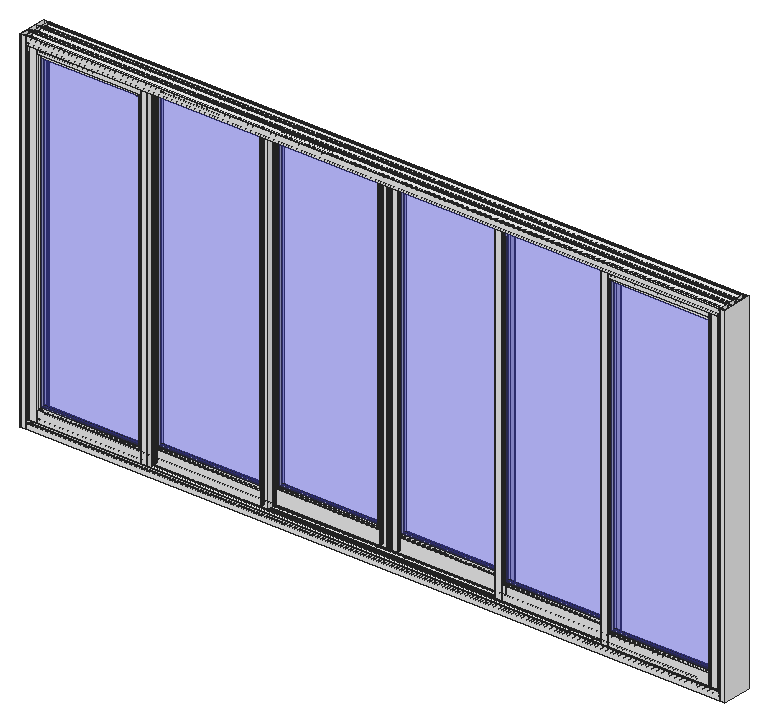
Revit family "Crealco Palace OXXXXO", category Doors, host Wall, Revit 2016 (continued)
Definition of nested family "Palace Triple Track Frame"
  Definition of nested family "Palace Jamb Adpator"
    Automatic sketch dimensions
      Extrusion 1 sketch curve to Extrusion 1 sketch curve = 0.5 mm  (x7)
      Extrusion 1 sketch curve to Extrusion 1 sketch curve = 4.5 mm  (x2)
      Extrusion 1 sketch curve to plane 5 = 21.704 mm
      Extrusion 1 sketch curve to Extrusion 1 sketch curve = 0.796 mm
      Extrusion 1 sketch curve to plane 1 "Center (Front/Back)" = 5.8 mm
      Extrusion 1 sketch curve to Extrusion 1 sketch curve = 0 mm
      Extrusion 1 sketch curve to Extrusion 1 sketch curve = 1.2 mm  (x4)
      Extrusion 1 sketch curve to Extrusion 1 sketch curve = 1.6 mm  (x4)
      Extrusion 1 sketch curve to Extrusion 1 sketch curve = 2 mm  (x2)
      Extrusion 1 sketch curve to Extrusion 1 sketch curve = 0.946 mm
      Extrusion 1 sketch curve to plane 4 = 5.8 mm  (x2)
  Definition of nested family "Palace Floor Track"
    Parameters (values of type "Palace Floor Track")
      Profile Material [instance] = none
      Length Floor Track [instance] = 250 mm
      Floor Track Depth = 26 mm  # constant formula
    Reference planes
      plane 1 "Center (Front/Back)": y = 0
      plane 2: z = 0
      plane 3 "Center (Left/Right)": x = 0
      plane 4: y = -13
      plane 5: y = 13
    Forms (mm)
      Extrusion 1, solid, material <- "Profile Material"
        sketch origin (0, 0, 0) x (0, 1, 0) y (0, 0, 1)
          loop
            line (-2.75, 7.254) -> (-2.75, 2.5) -> (-13, 2.5) -> (-13, 0) -> (13, 0) -> (13, 2.5) -> (2.75, 2.5) -> (2.75, 7.254)
            arc (2.75, 7.254) -> (0, 10.004) -> (-2.75, 7.254) r 2.75
        from 0 to 250 <- "Length Floor Track"
    Dimensions and locks
      equal spacing: plane 4, plane 1 "Center (Front/Back)", plane 5
      "Floor Track Depth": plane 4 to plane 5
      aligned and locked: level to plane 2
    Automatic sketch dimensions
      Extrusion 1 sketch curve to level = 0 mm
      plane 1 "Center (Front/Back)" to Extrusion 1 sketch curve = 13 mm
      level to Extrusion 1 sketch curve = 2.5 mm  (x2)
      plane 1 "Center (Front/Back)" to Extrusion 1 sketch curve = 2.75 mm
      Extrusion 1 sketch curve to Extrusion 1 sketch curve = 2.75 mm
      Extrusion 1 sketch curve to Extrusion 1 sketch curve = 10.25 mm
      Extrusion 1 sketch curve to Extrusion 1 sketch curve = 4.754 mm
  Definition of nested family "Palace Jamb Adpator Cutout 1"
    Parameters (values of type "Palace Jamb Adpator Cutout 1")
      Profile Material [instance] = none
      Jamb Adaptor Length [instance] = 250 mm
      Jamb Adaptor Depth = 61 mm  # constant formula
    Reference planes
      plane 1 "Center (Front/Back)": y = 0
      plane 2: z = 0
      plane 3 "Center (Left/Right)": x = 0
      plane 4: y = 61
      plane 5: y = 30.5
    Forms (mm)
      Extrusion 1, solid, material <- "Profile Material"
        sketch origin (0, 0, 0) x (1, 0, 0) y (0, 1, 0)
          loop
            line (7.65, 5.8) -> (5.4, 5.8) -> (5.4, 1.6) -> (1.4, 1.6) -> (1.4, 59.4) -> (5.4, 59.4) -> (5.4, 55.2) -> (7.65, 55.2)
            arc (7.65, 55.2) -> (8.15, 55.7) -> (7.65, 56.2) r 0.5
            line (7.65, 56.2) -> (6.65, 56.2) -> (6.65, 57.4) -> (8.15, 57.4) -> (8.15, 59) -> (12.65, 59) -> (12.65, 57.4) -> (14.15, 57.4) -> (14.15, 56.2) -> (13.15, 56.2)
            arc (13.15, 56.2) -> (12.65, 55.7) -> (13.15, 55.2) r 0.5
            line (13.15, 55.2) -> (15.4, 55.2) -> (15.4, 61) -> (0, 61) -> (0, 53) -> (-0.46, 52.054) -> (-0.46, 8.796) -> (0, 8) -> (0, 0) -> (15.4, 0) -> (15.4, 5.8) -> (13.15, 5.8)
            arc (13.15, 5.8) -> (12.65, 5.3) -> (13.15, 4.8) r 0.5
            line (13.15, 4.8) -> (14.15, 4.8) -> (14.15, 3.6) -> (12.65, 3.6) -> (12.65, 2) -> (8.15, 2) -> (8.15, 3.6) -> (6.65, 3.6) -> (6.65, 4.8) -> (7.65, 4.8)
            arc (7.65, 4.8) -> (8.15, 5.3) -> (7.65, 5.8) r 0.5
        from 0 to 250 <- "Jamb Adaptor Length"
      Extrusion 2, void
        sketch origin (15.1, 0, 0) x (1, 0, 0) y (0, 0, -1)
          loop
            line (0.3, 0) -> (-13.7, 0) -> (-13.7, -26.2) -> (0.3, -26.2) -> (0.3, 0)
        from 44.149 to 79.957
    Cuts and joins
      Extrusion 2 cuts Extrusion 1
    Lines and regions (mm)
      Filled region 1, type "W31590.dwg-1", in view "Ref. Level"
        outline origin (0, 0, 0) x (1, 0, 0) y (0, 1, 0)
          loop
            line (1485.097, 201.05) -> (1485.514, 198.55) -> (1485.931, 201.05) -> (1485.097, 201.05)
      Filled region 2, type "W31590.dwg-1", in view "Ref. Level"
        outline origin (0, 0, 0) x (1, 0, 0) y (0, 1, 0)
          loop
            line (1485.097, 211.45) -> (1485.931, 211.45) -> (1485.514, 213.95) -> (1485.097, 211.45)
      Filled region 3, type "W31590.dwg-1", in view "Ref. Level"
        outline origin (0, 0, 0) x (1, 0, 0) y (0, 1, 0)
          loop
            line (1498.155, 223.485) -> (1495.655, 223.068) -> (1498.155, 222.651) -> (1498.155, 223.485)
      Filled region 4, type "W31590.dwg-1", in view "Ref. Level"
        outline origin (0, 0, 0) x (1, 0, 0) y (0, 1, 0)
          loop
            line (1554.155, 223.485) -> (1554.155, 222.651) -> (1556.655, 223.068) -> (1554.155, 223.485)
    Dimensions and locks
      equal spacing: plane 1 "Center (Front/Back)", plane 5, plane 4
      "Jamb Adaptor Depth": plane 1 "Center (Front/Back)" to plane 4
      Extrusion 2 sketch curve to Extrusion 2 sketch curve = 26.2 mm
      plane 3 "Center (Left/Right)" to Extrusion 2 sketch curve to Extrusion 2 sketch curve = 1.4 mm, 14 mm
      aligned and locked: level to plane 2
      aligned and locked: level to Extrusion 2 sketch curve
    Automatic sketch dimensions
      plane 4 to Filled region 1 sketch curve = 140.05 mm  (x2)
      plane 3 "Center (Left/Right)" to Filled region 1 sketch curve = 1485.097 mm
      Filled region 1 sketch curve to Filled region 1 sketch curve = 0 mm  (x4)
      plane 4 to Filled region 1 sketch curve = 137.55 mm  (x2)
      Filled region 1 sketch curve to Filled region 1 sketch curve = 0.417 mm
      Filled region 1 sketch curve to Filled region 1 sketch curve = 0.833 mm
      plane 4 to Filled region 2 sketch curve = 150.45 mm  (x2)
      plane 3 "Center (Left/Right)" to Filled region 2 sketch curve = 1485.097 mm
      Filled region 2 sketch curve to Filled region 2 sketch curve = 0 mm  (x4)
      plane 4 to Filled region 2 sketch curve = 152.95 mm  (x2)
      Filled region 2 sketch curve to Filled region 2 sketch curve = 0.417 mm
      Filled region 2 sketch curve to Filled region 2 sketch curve = 0.833 mm
      plane 4 to Filled region 3 sketch curve = 162.068 mm  (x2)
      plane 3 "Center (Left/Right)" to Filled region 3 sketch curve = 1495.655 mm
      Filled region 3 sketch curve to Filled region 3 sketch curve = 0 mm  (x5)
      plane 4 to Filled region 3 sketch curve = 161.651 mm
      Filled region 3 sketch curve to Filled region 3 sketch curve = 2.5 mm
      plane 4 to Filled region 3 sketch curve = 162.485 mm
      plane 4 to Filled region 4 sketch curve = 161.651 mm  (x2)
      plane 3 "Center (Left/Right)" to Filled region 4 sketch curve = 1554.155 mm
      Filled region 4 sketch curve to Filled region 4 sketch curve = 0 mm  (x4)
      plane 4 to Filled region 4 sketch curve = 162.485 mm
      plane 4 to Filled region 4 sketch curve = 162.068 mm  (x2)
      Filled region 4 sketch curve to Filled region 4 sketch curve = 2.5 mm
      Extrusion 1 sketch curve to plane 4 = 8.946 mm
      Extrusion 1 sketch curve to plane 3 "Center (Left/Right)" = 0.46 mm
      Extrusion 1 sketch curve to Extrusion 1 sketch curve = 0.46 mm  (x2)
      Extrusion 1 sketch curve to Extrusion 1 sketch curve = 1.4 mm
      Extrusion 1 sketch curve to Extrusion 1 sketch curve = 4 mm  (x2)
      Extrusion 1 sketch curve to Extrusion 1 sketch curve = 1.25 mm  (x4)
      Extrusion 1 sketch curve to Extrusion 1 sketch curve = 1 mm  (x3)
      Extrusion 1 sketch curve to Extrusion 1 sketch curve = 1.5 mm  (x2)
      Extrusion 1 sketch curve to Extrusion 1 sketch curve = 0.5 mm  (x7)
      Extrusion 1 sketch curve to Extrusion 1 sketch curve = 4.5 mm  (x2)
      Extrusion 1 sketch curve to plane 5 = 21.704 mm
      Extrusion 1 sketch curve to Extrusion 1 sketch curve = 0.796 mm
      Extrusion 1 sketch curve to plane 1 "Center (Front/Back)" = 5.8 mm
      Extrusion 1 sketch curve to Extrusion 1 sketch curve = 0 mm
      Extrusion 1 sketch curve to Extrusion 1 sketch curve = 1.2 mm  (x4)
      Extrusion 1 sketch curve to Extrusion 1 sketch curve = 1.6 mm  (x4)
      Extrusion 1 sketch curve to Extrusion 1 sketch curve = 2 mm  (x2)
      Extrusion 1 sketch curve to Extrusion 1 sketch curve = 0.946 mm
      Extrusion 1 sketch curve to plane 4 = 5.8 mm  (x2)
  Definition of nested family "Palace Jamb Adpator Cutout 2"
    Parameters (values of type "Palace Jamb Adpator Cutout 2")
      Profile Material [instance] = none
      Jamb Adaptor Length [instance] = 250 mm
      Jamb Adaptor Depth = 61 mm  # constant formula
    Reference planes
      plane 1 "Center (Front/Back)": y = 0
      plane 2: z = 0
      plane 3 "Center (Left/Right)": x = 0
      plane 4: y = 61
      plane 5: y = 30.5
    Forms (mm)
      Extrusion 1, solid, material <- "Profile Material"
        sketch origin (0, 0, 0) x (1, 0, 0) y (0, 1, 0)
          loop
            line (7.65, 5.8) -> (5.4, 5.8) -> (5.4, 1.6) -> (1.4, 1.6) -> (1.4, 59.4) -> (5.4, 59.4) -> (5.4, 55.2) -> (7.65, 55.2)
            arc (7.65, 55.2) -> (8.15, 55.7) -> (7.65, 56.2) r 0.5
            line (7.65, 56.2) -> (6.65, 56.2) -> (6.65, 57.4) -> (8.15, 57.4) -> (8.15, 59) -> (12.65, 59) -> (12.65, 57.4) -> (14.15, 57.4) -> (14.15, 56.2) -> (13.15, 56.2)
            arc (13.15, 56.2) -> (12.65, 55.7) -> (13.15, 55.2) r 0.5
            line (13.15, 55.2) -> (15.4, 55.2) -> (15.4, 61) -> (0, 61) -> (0, 53) -> (-0.46, 52.054) -> (-0.46, 8.796) -> (0, 8) -> (0, 0) -> (15.4, 0) -> (15.4, 5.8) -> (13.15, 5.8)
            arc (13.15, 5.8) -> (12.65, 5.3) -> (13.15, 4.8) r 0.5
            line (13.15, 4.8) -> (14.15, 4.8) -> (14.15, 3.6) -> (12.65, 3.6) -> (12.65, 2) -> (8.15, 2) -> (8.15, 3.6) -> (6.65, 3.6) -> (6.65, 4.8) -> (7.65, 4.8)
            arc (7.65, 4.8) -> (8.15, 5.3) -> (7.65, 5.8) r 0.5
        from 0 to 250 <- "Jamb Adaptor Length"
      Extrusion 2, void
        sketch origin (15.1, 0, 0) x (1, 0, 0) y (0, 0, -1)
          loop
            line (0.3, 0) -> (-13.7, 0) -> (-13.7, -26.2) -> (0.3, -26.2) -> (0.3, 0)
        from 0 to 10
    Cuts and joins
      Extrusion 2 cuts Extrusion 1
    Lines and regions (mm)
      Filled region 1, type "W31590.dwg-1", in view "Ref. Level"
        outline origin (0, 0, 0) x (1, 0, 0) y (0, 1, 0)
          loop
            line (1485.097, 201.05) -> (1485.514, 198.55) -> (1485.931, 201.05) -> (1485.097, 201.05)
      Filled region 2, type "W31590.dwg-1", in view "Ref. Level"
        outline origin (0, 0, 0) x (1, 0, 0) y (0, 1, 0)
          loop
            line (1485.097, 211.45) -> (1485.931, 211.45) -> (1485.514, 213.95) -> (1485.097, 211.45)
      Filled region 3, type "W31590.dwg-1", in view "Ref. Level"
        outline origin (0, 0, 0) x (1, 0, 0) y (0, 1, 0)
          loop
            line (1498.155, 223.485) -> (1495.655, 223.068) -> (1498.155, 222.651) -> (1498.155, 223.485)
      Filled region 4, type "W31590.dwg-1", in view "Ref. Level"
        outline origin (0, 0, 0) x (1, 0, 0) y (0, 1, 0)
          loop
            line (1554.155, 223.485) -> (1554.155, 222.651) -> (1556.655, 223.068) -> (1554.155, 223.485)
    Dimensions and locks
      equal spacing: plane 1 "Center (Front/Back)", plane 5, plane 4
      "Jamb Adaptor Depth": plane 1 "Center (Front/Back)" to plane 4
      Extrusion 2 sketch curve to Extrusion 2 sketch curve = 26.2 mm
      aligned and locked: level to plane 2
      aligned and locked: level to Extrusion 2 sketch curve
    Automatic sketch dimensions
      plane 4 to Filled region 1 sketch curve = 140.05 mm  (x2)
      plane 3 "Center (Left/Right)" to Filled region 1 sketch curve = 1485.097 mm
      Filled region 1 sketch curve to Filled region 1 sketch curve = 0 mm  (x4)
      plane 4 to Filled region 1 sketch curve = 137.55 mm  (x2)
      Filled region 1 sketch curve to Filled region 1 sketch curve = 0.417 mm
      Filled region 1 sketch curve to Filled region 1 sketch curve = 0.833 mm
      plane 4 to Filled region 2 sketch curve = 150.45 mm  (x2)
      plane 3 "Center (Left/Right)" to Filled region 2 sketch curve = 1485.097 mm
      Filled region 2 sketch curve to Filled region 2 sketch curve = 0 mm  (x4)
      plane 4 to Filled region 2 sketch curve = 152.95 mm  (x2)
      Filled region 2 sketch curve to Filled region 2 sketch curve = 0.417 mm
      Filled region 2 sketch curve to Filled region 2 sketch curve = 0.833 mm
      plane 4 to Filled region 3 sketch curve = 162.068 mm  (x2)
      plane 3 "Center (Left/Right)" to Filled region 3 sketch curve = 1495.655 mm
      Filled region 3 sketch curve to Filled region 3 sketch curve = 0 mm  (x5)
      plane 4 to Filled region 3 sketch curve = 161.651 mm
      Filled region 3 sketch curve to Filled region 3 sketch curve = 2.5 mm
      plane 4 to Filled region 3 sketch curve = 162.485 mm
      plane 4 to Filled region 4 sketch curve = 161.651 mm  (x2)
      plane 3 "Center (Left/Right)" to Filled region 4 sketch curve = 1554.155 mm
      Filled region 4 sketch curve to Filled region 4 sketch curve = 0 mm  (x4)
      plane 4 to Filled region 4 sketch curve = 162.485 mm
      plane 4 to Filled region 4 sketch curve = 162.068 mm  (x2)
      Filled region 4 sketch curve to Filled region 4 sketch curve = 2.5 mm
      Extrusion 1 sketch curve to plane 4 = 8.946 mm
      Extrusion 1 sketch curve to plane 3 "Center (Left/Right)" = 0.46 mm
      Extrusion 1 sketch curve to Extrusion 1 sketch curve = 0.46 mm  (x2)
      Extrusion 1 sketch curve to Extrusion 1 sketch curve = 1.4 mm
      Extrusion 1 sketch curve to Extrusion 1 sketch curve = 4 mm  (x2)
      Extrusion 1 sketch curve to Extrusion 1 sketch curve = 1.25 mm  (x4)
      Extrusion 1 sketch curve to Extrusion 1 sketch curve = 1 mm  (x3)
      Extrusion 1 sketch curve to Extrusion 1 sketch curve = 1.5 mm  (x2)
      Extrusion 1 sketch curve to Extrusion 1 sketch curve = 0.5 mm  (x7)
      Extrusion 1 sketch curve to Extrusion 1 sketch curve = 4.5 mm  (x2)
      Extrusion 1 sketch curve to plane 5 = 21.704 mm
      Extrusion 1 sketch curve to Extrusion 1 sketch curve = 0.796 mm
      Extrusion 1 sketch curve to plane 1 "Center (Front/Back)" = 5.8 mm
      Extrusion 1 sketch curve to Extrusion 1 sketch curve = 0 mm
      Extrusion 1 sketch curve to Extrusion 1 sketch curve = 1.2 mm  (x4)
      Extrusion 1 sketch curve to Extrusion 1 sketch curve = 1.6 mm  (x4)
      Extrusion 1 sketch curve to Extrusion 1 sketch curve = 2 mm  (x2)
      Extrusion 1 sketch curve to Extrusion 1 sketch curve = 0.946 mm
      Extrusion 1 sketch curve to plane 4 = 5.8 mm  (x2)
      Extrusion 1 to Extrusion 2 sketch curve = 0 mm
      Extrusion 2 sketch curve to Extrusion 2 sketch curve = 14 mm
Definition of nested family "Palace Sash"
  Parameters (values of type "Palace Sash")
    Single Glazing [instance] = not(Double Glazing)  # yes
    Sill Thickness = 85 mm  # constant formula
    Sill Length [instance] = Sash Width - Head Sill Side 1 Gap - Head Sill Side 2 Gap  # 880 mm
    Side 2 Meeting Stile [instance] = no
    Side 2 Jamb [instance] = yes
    Side 2 Interlock 2 HD [instance] = no
    Side 2 Interlock 2 [instance] = no
    Side 2 Interlock 1 HD [instance] = no
    Side 2 Interlock 1 [instance] = no
    Side 2 Astragal HD [instance] = no
    Side 2 Astragal [instance] = no
    Side 1 Meeting Stile [instance] = no
    Side 1 Jamb [instance] = yes
    Side 1 Interlock 2 HD [instance] = no
    Side 1 Interlock 2 [instance] = no
    Side 1 Interlock 1 HD [instance] = no
    Side 1 Interlock 1 [instance] = no
    Side 1 Astragal HD [instance] = no
    Side 1 Astragal [instance] = no
    Sash Width [instance] = 1000 mm
    Sash Thickness = 44 mm  # constant formula
    Sash Height [instance] = 1000 mm
    Right Sliding [instance] = yes
    Profile Material [instance] = none
    Left Sliding [instance] = no
    Jamb Length [instance] = Sash Height  # 1000 mm
    Head Thickness = 50 mm  # constant formula
    Head Sill Side 2 Gap [instance] = if(Side 2 Jamb, 60 mm, if(Side 2 Meeting Stile, 52 mm, 40 mm))  # 60 mm
    Head Sill Side 1 Gap [instance] = if(Side 1 Jamb, 60 mm, if(Side 1 Meeting Stile, 52 mm, 40 mm))  # 60 mm
    Head Length [instance] = Sash Width - Head Sill Side 1 Gap - Head Sill Side 2 Gap  # 880 mm
    Glazing Width [instance] = Sash Width - Head Sill Side 1 Gap - Head Sill Side 2 Gap - (2 * Glazing Gap)  # 870 mm
    Glazing Thickness [instance] = 4 mm
    Glazing Offset [instance] = if(Double Glazing, 22.2 mm, 14.3 mm)  # 14.3 mm
    Glazing Material [instance] = none
    Glazing Height [instance] = Sash Height - Head Thickness - Sill Thickness - (2 * Glazing Gap)  # 855 mm
    Glazing Gap = 5 mm  # constant formula
    Double Glazing [instance] = no
    DG Thickness [instance] = if(Glazing Thickness < 14 mm, 14 mm, Glazing Thickness)  # 14 mm
  Reference planes
    plane 1 "Center (Front/Back)": y = 0
    plane 2: z = 0
    plane 3 "Center (Left/Right)": x = 0
    plane 4: x = -500
    plane 5: y = 22
    plane 6: y = -22
    plane 7: x = 500
    plane 8: z = 1000
    plane 9: z = 500
    plane 10: x = 440
    plane 11: x = -440
    plane 12: z = 85
    plane 13: z = 950
    plane 14: x = -435
    plane 15: x = 435
    plane 16: y = -7.7
    plane 17: z = 945
    plane 18: z = 90
  Forms (mm)
    Sweep 1, solid, material <- "Profile Material", visible <- "Double Glazing"
      path origin (0, 0, 0) x (1, 0, 0) y (0, 0, 1)
        loop
          line (-440, 950) -> (-440, 85) -> (440, 85) -> (440, 950) -> (-440, 950)
      profile origin (0, 0, 950) x (0, 0, 1) y (0, -1, 0)
        loop
          line (-1.6, -17.805) -> (-7.5, -17.805) -> (-7.5, -14.705) -> (-9.35, -14.705)
          arc (-9.35, -14.705) -> (-9.75, -15.105) -> (-9.35, -15.505) r 0.4
          line (-9.35, -15.505) -> (-8.55, -15.505) -> (-8.55, -17.805) -> (-13.95, -17.805) -> (-13.95, -15.505) -> (-13.15, -15.505)
          arc (-13.15, -15.505) -> (-12.75, -15.105) -> (-13.15, -14.705) r 0.4
          line (-13.15, -14.705) -> (-15, -14.705) -> (-15, -19.405) -> (0, -19.405) -> (0, -11.805) -> (1.387, -11.805) -> (1.387, -12.605)
          arc (1.387, -12.605) -> (2.102, -12.316) -> (2.4, -11.605) r 1
          line (2.4, -11.605) -> (2.4, 3.595)
          arc (2.4, 3.595) -> (1.9, 4.095) -> (1.4, 3.595) r 0.5
          line (1.4, 3.595) -> (1.4, 0.595) -> (0.4, 0.595) -> (0.4, -10.405) -> (-1.6, -10.405) -> (-1.6, -17.805)
    Sweep 2, solid, material <- "Profile Material", visible <- "Single Glazing"
      path origin (-440, 19.405, 950) x (1, 0, 0) y (0, 0, -1)
        loop
          line (880, 0) -> (880, 865) -> (0, 865) -> (0, 0) -> (880, 0)
      profile origin (0, 19.405, 950) x (0, 0, 1) y (0, 1, 0)
        loop
          line (-7.999, -19.799) -> (-8.799, -19.799) -> (-8.799, -20.599) -> (1.4, -20.599) -> (1.4, -23.099)
          arc (1.4, -23.099) -> (1.9, -23.599) -> (2.4, -23.099) r 0.5
          line (2.4, -23.099) -> (2.4, -20.299)
          arc (2.4, -20.299) -> (2.165, -19.733) -> (1.6, -19.499) r 0.8
          line (1.6, -19.499) -> (-6.899, -19.499) -> (-6.899, -18.099) -> (-9.421, -15.577) -> (-1.1, -7.256) -> (-1.1, -8.2)
          arc (-1.1, -8.2) -> (-0.953, -8.554) -> (-0.6, -8.7) r 0.5
          line (-0.6, -8.7) -> (2.4, -8.7) -> (2.4, -7.776)
          arc (2.4, -7.776) -> (2.107, -7.069) -> (1.4, -6.776) r 1
          line (1.4, -6.776) -> (1.4, -7.6) -> (0, -7.6) -> (0, -5.394) -> (-0.793, -5.394) -> (-14.999, -19.599) -> (-14.999, -20.599) -> (-10.599, -20.599) -> (-10.599, -19.799) -> (-11.399, -19.799) -> (-12.521, -18.677) -> (-10.199, -16.355) -> (-7.999, -18.555) -> (-7.999, -19.799)
  Lines and regions (mm)
    model lines, visible <- "Double Glazing"
      curve 1: line (425, 19.405, 100) -> (425, 19.405, 85)
      curve 2: line (-425, 19.405, 100) -> (-425, 19.405, 85)
      curve 3: line (-425, 19.405, 935) -> (-425, 19.405, 950)
      curve 4: line (425, 19.405, 935) -> (425, 19.405, 950)
    model lines, visible <- "Single Glazing"
      curve 5: line (439.207, 14.011, 949.207) -> (440, 14.011, 950)
      curve 6: line (-439.207, 14.011, 949.207) -> (-440, 14.011, 950)
      curve 7: line (-439.207, 14.011, 85.793) -> (-440, 14.011, 85)
      curve 8: line (439.207, 14.011, 85.793) -> (440, 14.011, 85)
  Dimensions and locks
    equal spacing: plane 6, plane 1 "Center (Front/Back)", plane 5
    "Sash Thickness": plane 6 to plane 5
    equal spacing: plane 8, plane 9, level
    "Sash Height": plane 8 to level
    equal spacing: plane 4, plane 3 "Center (Left/Right)", plane 7
    "Sash Width": plane 4 to plane 7
    "Head Sill Side 1 Gap": plane 4 to plane 11
    "Head Sill Side 2 Gap": plane 10 to plane 7
    "Sill Thickness": plane 12 to plane 2
    "Head Thickness": plane 8 to plane 13
    "Glazing Gap": plane 15 to plane 10
    "Glazing Gap": plane 11 to plane 14
    "Glazing Offset": plane 16 to plane 6
    "Glazing Gap": plane 18 to plane 12
    "Glazing Gap": plane 13 to plane 17
    plane 1 "Center (Front/Back)" to nested 5 = 7.7 mm
    aligned and locked: level to plane 2
    aligned and locked: plane 2 to nested 1
    aligned and locked: plane 1 "Center (Front/Back)" to nested 1
    aligned and locked: plane 10 to nested 1
    aligned and locked: nested 3 to plane 1 "Center (Front/Back)"
    aligned and locked: plane 1 "Center (Front/Back)" to nested 2
    aligned and locked: plane 11 to nested 2
    aligned and locked: plane 10 to nested 3
    aligned and locked: plane 2 to nested 3
    aligned and locked: nested 2 to plane 2
    aligned and locked: nested 4 to plane 8
    aligned and locked: plane 1 "Center (Front/Back)" to nested 4
    aligned and locked: plane 11 to nested 4
    aligned and locked: plane 11 to Sweep 1 sketch curve
    aligned and locked: Sweep 1 sketch curve to plane 13
    aligned and locked: Sweep 1 sketch curve to plane 10
    aligned and locked: plane 12 to Sweep 1 sketch curve
    aligned and locked: Sweep 2 sketch curve to plane 10
    aligned and locked: Sweep 2 sketch curve to plane 13
    aligned and locked: plane 11 to Sweep 2 sketch curve
    aligned and locked: plane 12 to Sweep 2 sketch curve
    aligned and locked: nested 5 to plane 16
    aligned and locked: nested 5 to plane 14
    aligned and locked: plane 17 to nested 5
    aligned and locked: nested 6 to plane 14
    aligned and locked: plane 17 to nested 6
    aligned and locked: plane 16 to nested 6
  Automatic sketch dimensions
    profile plane to Sweep 1 sketch curve = 15 mm
    Sweep 1 sketch curve to Sweep 1 sketch curve = 1.05 mm  (x2)
    Sweep 1 sketch curve to Sweep 1 sketch curve = 0.8 mm  (x2)
    Sweep 1 sketch curve to Sweep 1 sketch curve = 3.8 mm
    Sweep 1 sketch curve to Sweep 1 sketch curve = 5.9 mm
    Sweep 1 sketch curve to Sweep 1 sketch curve = 1.6 mm  (x3)
    Sweep 1 sketch curve to Sweep 1 sketch curve = 0.4 mm  (x3)
    Sweep 1 sketch curve to Sweep 1 sketch curve = 1.387 mm
    Sweep 1 sketch curve to Sweep 1 sketch curve = 1 mm
    Sweep 1 sketch curve to Sweep 1 sketch curve = 0.012 mm
    Sweep 1 sketch curve to Sweep 1 sketch curve = 0.5 mm
    Sweep 1 sketch curve to plane 1 "Center (Front/Back)" = 19.405 mm
    Sweep 1 sketch curve to Sweep 1 sketch curve = 2.3 mm  (x2)
    Sweep 1 sketch curve to Sweep 1 sketch curve = 5.2 mm
    Sweep 1 sketch curve to Sweep 1 sketch curve = 0.2 mm
    Sweep 1 sketch curve to Sweep 1 sketch curve = 1.4 mm
    Sweep 1 sketch curve to Sweep 1 sketch curve = 11 mm
    Sweep 1 sketch curve to Sweep 1 sketch curve = 3 mm
    curve 3 to Sweep 1 = 0 mm  (x2)
    Sweep 1 to curve 3 = 0 mm
    curve 2 to Sweep 1 = 0 mm  (x3)
    curve 1 to Sweep 1 = 0 mm  (x3)
    curve 4 to Sweep 1 = 0 mm  (x3)
    profile plane to Sweep 2 sketch curve = 14.999 mm
    Sweep 2 sketch curve to Sweep 2 sketch curve = 2.478 mm
    Sweep 2 sketch curve to Sweep 2 sketch curve = 1.122 mm  (x2)
    Sweep 2 sketch curve to Sweep 2 sketch curve = 0.8 mm  (x4)
    Sweep 2 sketch curve to Sweep 2 sketch curve = 2.322 mm
    Sweep 2 sketch curve to Sweep 2 sketch curve = 0.778 mm  (x2)
    Sweep 2 sketch curve to Sweep 2 sketch curve = 1.8 mm
    Sweep 2 sketch curve to Sweep 2 sketch curve = 1.1 mm
    Sweep 2 sketch curve to Sweep 2 sketch curve = 8.321 mm
    Sweep 2 sketch curve to Sweep 2 sketch curve = 0.307 mm
    Sweep 2 sketch curve to Sweep 2 sketch curve = 0.5 mm  (x2)
    Sweep 2 sketch curve to Sweep 2 sketch curve = 0.6 mm
    Sweep 2 sketch curve to Sweep 2 sketch curve = 8.299 mm
    Sweep 2 sketch curve to Sweep 2 sketch curve = 1.4 mm
    Sweep 2 sketch curve to Sweep 2 sketch curve = 0.2 mm
    Sweep 2 sketch curve to Sweep 2 sketch curve = 1 mm  (x2)
    Sweep 2 sketch curve to profile plane = 23.099 mm
    Sweep 2 sketch curve to Sweep 2 sketch curve = 2.5 mm
    Sweep 2 sketch curve to Sweep 2 sketch curve = 0 mm
    Sweep 2 sketch curve to Sweep 2 sketch curve = 0.3 mm
    Sweep 2 sketch curve to Sweep 2 sketch curve = 0.456 mm
    Sweep 2 sketch curve to Sweep 2 sketch curve = 1.444 mm
    Sweep 2 sketch curve to Sweep 2 sketch curve = 0.924 mm
    Sweep 2 sketch curve to Sweep 2 sketch curve = 0.176 mm
    Sweep 2 sketch curve to Sweep 2 sketch curve = 1.862 mm
    curve 5 to Sweep 2 = 0 mm  (x3)
    Sweep 2 to curve 5 = 0 mm
    curve 8 to Sweep 2 = 0 mm  (x4)
    curve 7 to Sweep 2 = 0 mm  (x4)
    curve 6 to Sweep 2 = 0 mm  (x3)
    Sweep 2 to curve 6 = 0 mm
  Nested families
    nested 1: "Palace Sash Sill" at (-440, 0, 0), Sill Length <- "Sill Length", Profile Material <- "Profile Material", type "Palace Sash Sill"
      with Sill Length 880 mm, Profile Material none
    nested 2: "Palace Sash Jamb" at (-440, 0, 0), Profile Material <- "Profile Material", Jamb Length <- "Jamb Length", Astragal <- "Side 1 Astragal", Astragal HD <- "Side 1 Astragal HD", Interlock 1 <- "Side 1 Interlock 1", Interlock 1 HD <- "Side 1 Interlock 1 HD", Interlock 2 <- "Side 1 Interlock 2", Interlock 2 HD <- "Side 1 Interlock 2 HD", Jamb <- "Side 1 Jamb", Meeting Stile <- "Side 1 Meeting Stile", type "Palace Sash Jamb"
      with Profile Material none, Meeting Stile Width 50 mm, Meeting Stile Depth 44 mm, Meeting Stile no, Jamb Length 1000 mm, Jamb yes, Interlock 2 HD no, Interlock 2 no, Interlock 1 HD no, Interlock 1 no, Astragal HD no, Astragal no
    nested 3: "Palace Sash Jamb" at (440, 0, 0) x (-1, 0, 0) z (0, 0, 1), Profile Material <- "Profile Material", Jamb Length <- "Jamb Length", Astragal <- "Side 2 Astragal", Astragal HD <- "Side 2 Astragal HD", Interlock 1 <- "Side 2 Interlock 1", Interlock 1 HD <- "Side 2 Interlock 1 HD", Interlock 2 <- "Side 2 Interlock 2", Interlock 2 HD <- "Side 2 Interlock 2 HD", Jamb <- "Side 2 Jamb", Meeting Stile <- "Side 2 Meeting Stile", type "Palace Sash Jamb"
      with Profile Material none, Meeting Stile Width 50 mm, Meeting Stile Depth 44 mm, Meeting Stile no, Jamb Length 1000 mm, Jamb yes, Interlock 2 HD no, Interlock 2 no, Interlock 1 HD no, Interlock 1 no, Astragal HD no, Astragal no
    nested 4: "Palace Sash Head" at (-440, 0, 950), Profile Material <- "Profile Material", Head Length <- "Head Length", type "Palace Sash Head"
      with Profile Material none, Head Length 880 mm
    nested 5: "Palace Single Glazing" at (-435, -9.7, 90) x (-1, 0, 0) z (0, 0, 1), Glazing Material <- "Glazing Material", Glazing Width <- "Glazing Width", Glazing Thickness SG <- "Glazing Thickness", Glazing Height <- "Glazing Height", visible <- "Single Glazing", Left Sliding <- "Right Sliding", Right Sliding <- "Left Sliding", type "Palace Single Glazing"
      with Right Sliding no, Length Arrow Tip 77.717 mm, Length Arrow 256.467 mm, Left Sliding yes, Is Sliding yes, Glazing Width 870 mm, Glazing Thickness SG 4 mm, Glazing Material none, Glazing Height 855 mm, Double Glazing Gasket Material none, Arrow Tip Length 77.717 mm, Arrow Left Gap 306.767 mm, Arrow Bottom Gap 427.5 mm
    nested 6: "Palace Double Glazing" at (435, -0.7, 90), Glazing Material <- "Glazing Material", visible <- "Double Glazing", Glazing Thickness <- "DG Thickness", Glazing Width <- "Glazing Width", Glazing Height <- "Glazing Height", Left Sliding <- "Right Sliding", Right Sliding <- "Left Sliding", type "Palace Double Glazing"
      with Right Sliding no, Length Arrow Tip 77.717 mm, Length Arrow 256.467 mm, Left Sliding yes, Is Sliding yes, Glazing Width 870 mm, Glazing Thickness DG 1 mm, Glazing Thickness 14 mm, Glazing Material none, Glazing Height 855 mm, Double Glazing Gasket Thickness 12 mm, Double Glazing Gasket Material none, Arrow Tip Length 77.717 mm, Arrow Left Gap 306.767 mm, Arrow Bottom Gap 427.5 mm
  Definition of nested family "Palace Sash Sill"
    Parameters (values of type "Palace Sash Sill")
      Sill Length [instance] = 250 mm
      Sill Depth = 44 mm  # constant formula
      Profile Material [instance] = none
    Reference planes
      plane 1 "Center (Front/Back)": y = 0
      plane 2: z = 0
      plane 3 "Center (Left/Right)": x = 0
      plane 4: y = -22
      plane 5: y = 22
    Forms (mm)
      Extrusion 1, solid, material <- "Profile Material"
        sketch origin (0, 0, 0) x (0, 1, 0) y (0, 0, 1)
          loop
            line (-22, 0) -> (-20.2, 0) -> (-20.2, 2) -> (-17.1, 2) -> (-17.1, 3.6) -> (-20.21, 3.6) -> (-20.21, 16.117) -> (-19.7, 17.08) -> (-19.7, 20) -> (19.696, 20) -> (19.696, 17.015) -> (20.25, 15.967) -> (20.25, 3.6) -> (17.1, 3.6) -> (17.1, 2) -> (20.2, 2) -> (20.2, 0) -> (22, 0) -> (22, 85) -> (12.304, 85)
            arc (12.304, 85) -> (11.805, 84.522) -> (12.261, 84.002) r 0.5
            line (12.261, 84.002) -> (13.496, 83.894) -> (13.496, 82.4) -> (-5.004, 82.4) -> (-5.004, 83.763) -> (-2.27, 84.002)
            arc (-2.27, 84.002) -> (-1.814, 84.522) -> (-2.313, 85) r 0.5
            line (-2.313, 85) -> (-15.204, 85) -> (-15.204, 95.9) -> (-15.604, 96.6) -> (-15.604, 98.8) -> (-14.304, 98.8) -> (-14.304, 100) -> (-17.004, 100) -> (-17.004, 85) -> (-22, 85) -> (-22, 0)
          loop
            line (-20.21, 83.2) -> (-20.21, 21.8) -> (20.21, 21.8) -> (20.21, 83.2) -> (15.296, 83.2) -> (15.296, 82)
            arc (15.296, 82) -> (14.885, 81.01) -> (13.896, 80.6) r 1.4
            line (13.896, 80.6) -> (-5.404, 80.6)
            arc (-5.404, 80.6) -> (-6.394, 81.01) -> (-6.804, 82) r 1.4
            line (-6.804, 82) -> (-6.804, 83.2) -> (-20.21, 83.2)
        from 0 to 250 <- "Sill Length"
      Extrusion 2, void
        sketch origin (0, -16.704, 100) x (-1, 0, 0) y (0, 1, 0)
          loop
            line (0, 2.4) -> (-15, 2.4) -> (-15, -0.3) -> (0, -0.3) -> (0, 2.4)
          loop
            line (-250, 2.4) -> (-250, -0.3) -> (-235, -0.3) -> (-235, 2.4) -> (-250, 2.4)
        from 0 to 250
    Cuts and joins
      Extrusion 2 cuts Extrusion 1
    Dimensions and locks
      equal spacing: plane 4, plane 1 "Center (Front/Back)", plane 5
      "Sill Depth": plane 4 to plane 5
      Extrusion 2 sketch curve to Extrusion 2 sketch curve = 15 mm  (x2)
      aligned and locked: level to plane 2
    Automatic sketch dimensions
      Extrusion 1 sketch curve to plane 5 = 44 mm
      Extrusion 1 sketch curve to plane 5 = 42.21 mm
      Extrusion 1 sketch curve to Extrusion 1 sketch curve = 0 mm
      Extrusion 1 sketch curve to Extrusion 1 sketch curve = 0.01 mm
      Extrusion 1 sketch curve to Extrusion 1 sketch curve = 0.51 mm
      Extrusion 1 sketch curve to Extrusion 1 sketch curve = 3.11 mm
      Extrusion 1 sketch curve to Extrusion 1 sketch curve = 3.205 mm
      Extrusion 1 sketch curve to Extrusion 1 sketch curve = 1.4 mm  (x3)
      Extrusion 1 sketch curve to Extrusion 1 sketch curve = 1.8 mm  (x4)
      Extrusion 1 sketch curve to Extrusion 1 sketch curve = 1.3 mm
      Extrusion 1 sketch curve to Extrusion 1 sketch curve = 8.4 mm
      Extrusion 1 sketch curve to Extrusion 1 sketch curve = 0.4 mm  (x3)
      Extrusion 1 sketch curve to Extrusion 1 sketch curve = 2.691 mm
      Extrusion 1 sketch curve to Extrusion 1 sketch curve = 0.044 mm  (x2)
      Extrusion 1 sketch curve to Extrusion 1 sketch curve = 14.53 mm
      Extrusion 1 sketch curve to Extrusion 1 sketch curve = 1.235 mm
      Extrusion 1 sketch curve to Extrusion 1 sketch curve = 34.2 mm
      Extrusion 1 sketch curve to Extrusion 1 sketch curve = 2.596 mm
      Extrusion 1 sketch curve to Extrusion 1 sketch curve = 3.1 mm
      Extrusion 1 sketch curve to Extrusion 1 sketch curve = 4.914 mm
      Extrusion 1 sketch curve to Extrusion 1 sketch curve = 0.05 mm
      level to Extrusion 1 sketch curve = 0 mm  (x2)
      Extrusion 1 sketch curve to Extrusion 1 sketch curve = 2 mm  (x2)
      Extrusion 1 sketch curve to Extrusion 1 sketch curve = 1.6 mm  (x2)
      Extrusion 1 sketch curve to Extrusion 1 sketch curve = 12.367 mm
      Extrusion 1 sketch curve to Extrusion 1 sketch curve = 12.517 mm
      Extrusion 1 sketch curve to Extrusion 1 sketch curve = 1.048 mm
      Extrusion 1 sketch curve to Extrusion 1 sketch curve = 0.963 mm
      Extrusion 1 sketch curve to Extrusion 1 sketch curve = 2.92 mm
      Extrusion 1 sketch curve to Extrusion 1 sketch curve = 58.8 mm
      Extrusion 1 sketch curve to Extrusion 1 sketch curve = 1.2 mm  (x3)
      Extrusion 1 sketch curve to Extrusion 1 sketch curve = 1.363 mm
      Extrusion 1 sketch curve to Extrusion 1 sketch curve = 1.494 mm
      Extrusion 1 sketch curve to Extrusion 1 sketch curve = 0.239 mm
      Extrusion 1 sketch curve to Extrusion 1 sketch curve = 0.108 mm
      Extrusion 1 sketch curve to Extrusion 1 sketch curve = 0.498 mm  (x2)
      Extrusion 1 sketch curve to Extrusion 1 sketch curve = 10.9 mm
      Extrusion 1 sketch curve to Extrusion 1 sketch curve = 0.7 mm
      Extrusion 1 sketch curve to Extrusion 1 sketch curve = 2.2 mm
      Extrusion 2 sketch curve to Extrusion 1 = 0 mm  (x2)
      Extrusion 1 to Extrusion 2 sketch curve = 0 mm  (x4)
  Definition of nested family "Palace Sash Jamb"
    Parameters (values of type "Palace Sash Jamb")
      Meeting Stile Width [instance] = 50 mm  # constant formula
      Profile Material [instance] = none
      Meeting Stile [instance] = yes
      Jamb Length [instance] = 250 mm
      Meeting Stile Depth [instance] = 44 mm  # constant formula
      Jamb [instance] = yes
      Interlock Width = 40 mm  # constant formula
      Interlock 2 HD [instance] = yes
      Interlock 2 [instance] = yes
      Interlock 1 HD [instance] = yes
      Interlock 1 [instance] = yes
      Astragal HD [instance] = yes
      Astragal [instance] = yes
    Reference planes
      plane 1 "Center (Front/Back)": y = 0
      plane 2: z = 0
      plane 3 "Center (Left/Right)": x = 0
      plane 4: y = 22
      plane 5: y = -22
    Forms (mm)
      Extrusion 1, solid, material <- "Profile Material", visible <- "Meeting Stile"
        sketch origin (0, 0, 0) x (1, 0, 0) y (0, 1, 0)
          loop
            arc (-37.2, 15.1) -> (-37.786, 13.686) -> (-39.2, 13.1) r 2
            line (-39.2, 13.1) -> (-43.5, 13.1) -> (-43.5, 11.4) -> (-44.7, 11.4) -> (-44.7, 13.7) -> (-48.2, 13.7) -> (-48.2, -13.7) -> (-44.7, -13.7) -> (-44.7, -11.4) -> (-43.5, -11.4) -> (-43.5, -13.1) -> (-39.2, -13.1)
            arc (-39.2, -13.1) -> (-37.786, -13.686) -> (-37.2, -15.1) r 2
            line (-37.2, -15.1) -> (-37.2, -20.1) -> (-1.8, -20.1) -> (-1.8, -6.8) -> (-3, -6.8)
            arc (-3, -6.8) -> (-3.99, -6.39) -> (-4.4, -5.4) r 1.4
            line (-4.4, -5.4) -> (-4.4, 13.9)
            arc (-4.4, 13.9) -> (-3.99, 14.89) -> (-3, 15.3) r 1.4
            line (-3, 15.3) -> (-1.8, 15.3) -> (-1.8, 20.1) -> (-37.2, 20.1) -> (-37.2, 15.1)
          loop
            line (-39, -15.7) -> (-39, -22) -> (0, -22) -> (0, -17) -> (15, -17) -> (15, -14.3) -> (13.8, -14.3) -> (13.8, -15.6) -> (11.6, -15.6) -> (10.9, -15.2) -> (0, -15.2) -> (0, -2.309)
            arc (0, -2.309) -> (-0.478, -1.809) -> (-0.998, -2.265) r 0.5
            line (-0.998, -2.265) -> (-1.237, -5) -> (-2.6, -5) -> (-2.6, 13.5) -> (-1.106, 13.5) -> (-0.998, 12.265)
            arc (-0.998, 12.265) -> (-0.478, 11.809) -> (0, 12.309) r 0.5
            line (0, 12.309) -> (0, 22) -> (-39, 22) -> (-39, 15.7)
            arc (-39, 15.7) -> (-39.293, 14.993) -> (-40, 14.7) r 1
            line (-40, 14.7) -> (-42.3, 14.7) -> (-42.3, 15.5) -> (-48.5, 15.5)
            arc (-48.5, 15.5) -> (-49.561, 15.061) -> (-50, 14) r 1.5
            line (-50, 14) -> (-50, -14)
            arc (-50, -14) -> (-49.561, -15.061) -> (-48.5, -15.5) r 1.5
            line (-48.5, -15.5) -> (-42.3, -15.5) -> (-42.3, -14.7) -> (-40, -14.7)
            arc (-40, -14.7) -> (-39.293, -14.993) -> (-39, -15.7) r 1
        from 0 to 250 <- "Jamb Length"
      Extrusion 2, solid, material <- "Profile Material", visible <- "Interlock 1"
        sketch origin (0, 0, 0) x (1, 0, 0) y (0, 1, 0)
          loop
            arc (-38.2, 22) -> (-39.473, 21.473) -> (-40, 20.2) r 1.8
            line (-40, 20.2) -> (-40, -20.2)
            arc (-40, -20.2) -> (-39.473, -21.473) -> (-38.2, -22) r 1.8
            line (-38.2, -22) -> (-30.5, -22) -> (-30.5, -29.3)
            arc (-30.5, -29.3) -> (-30.061, -30.361) -> (-29, -30.8) r 1.5
            line (-29, -30.8) -> (-27.5, -30.8)
            arc (-27.5, -30.8) -> (-27, -30.3) -> (-27.5, -29.8) r 0.5
            line (-27.5, -29.8) -> (-28.3, -29.8) -> (-28.3, -28.6) -> (-21.2, -28.6) -> (-21.2, -29.8) -> (-22, -29.8)
            arc (-22, -29.8) -> (-22.5, -30.3) -> (-22, -30.8) r 0.5
            line (-22, -30.8) -> (-19, -30.8) -> (-18.4, -30.3) -> (-9.1, -30.3)
            arc (-9.1, -30.3) -> (-8.501, -29.742) -> (-9.016, -29.106) r 0.6
            line (-9.016, -29.106) -> (-26.28, -26.667)
            arc (-26.28, -26.667) -> (-27.51, -25.998) -> (-28, -24.687) r 2
            line (-28, -24.687) -> (-28, -22) -> (0, -22) -> (0, -17) -> (15, -17) -> (15, -14.3) -> (13.8, -14.3) -> (13.8, -15.6) -> (11.6, -15.6) -> (10.9, -15.2) -> (0, -15.2) -> (0, -2.309)
            arc (0, -2.309) -> (-0.478, -1.809) -> (-0.998, -2.265) r 0.5
            line (-0.998, -2.265) -> (-1.237, -5) -> (-2.6, -5) -> (-2.6, 13.5) -> (-1.106, 13.5) -> (-0.998, 12.265)
            arc (-0.998, 12.265) -> (-0.478, 11.809) -> (0, 12.309) r 0.5
            line (0, 12.309) -> (0, 22) -> (-38.2, 22)
          loop
            arc (-3, -6.8) -> (-3.99, -6.39) -> (-4.4, -5.4) r 1.4
            line (-4.4, -5.4) -> (-4.4, 13.9)
            arc (-4.4, 13.9) -> (-3.99, 14.89) -> (-3, 15.3) r 1.4
            line (-3, 15.3) -> (-1.8, 15.3) -> (-1.8, 20) -> (-38.2, 20) -> (-38.2, -20.2) -> (-1.8, -20.2) -> (-1.8, -6.8) -> (-3, -6.8)
        from 0 to 250 <- "Jamb Length"
      Extrusion 3, solid, material <- "Profile Material", visible <- "Interlock 2"
        sketch origin (0, 0, 0) x (1, 0, 0) y (0, 1, 0)
          loop
            arc (-37.5, 24.687) -> (-37.01, 25.998) -> (-35.78, 26.667) r 2
            line (-35.78, 26.667) -> (-18.516, 29.106)
            arc (-18.516, 29.106) -> (-18.001, 29.742) -> (-18.6, 30.3) r 0.6
            line (-18.6, 30.3) -> (-27.9, 30.3) -> (-28.5, 30.8) -> (-31.5, 30.8)
            arc (-31.5, 30.8) -> (-32, 30.3) -> (-31.5, 29.8) r 0.5
            line (-31.5, 29.8) -> (-30.7, 29.8) -> (-30.7, 28.6) -> (-37.8, 28.6) -> (-37.8, 29.8) -> (-37, 29.8)
            arc (-37, 29.8) -> (-36.5, 30.3) -> (-37, 30.8) r 0.5
            line (-37, 30.8) -> (-38.5, 30.8)
            arc (-38.5, 30.8) -> (-39.561, 30.361) -> (-40, 29.3) r 1.5
            line (-40, 29.3) -> (-40, 22) -> (-40, -20.2)
            arc (-40, -20.2) -> (-39.473, -21.473) -> (-38.2, -22) r 1.8
            line (-38.2, -22) -> (0, -22) -> (0, -17) -> (15, -17) -> (15, -14.3) -> (13.8, -14.3) -> (13.8, -15.6) -> (11.6, -15.6) -> (10.9, -15.2) -> (0, -15.2) -> (0, -2.309)
            arc (0, -2.309) -> (-0.478, -1.809) -> (-0.998, -2.265) r 0.5
            line (-0.998, -2.265) -> (-1.237, -5) -> (-2.6, -5) -> (-2.6, 13.5) -> (-1.106, 13.5) -> (-0.998, 12.265)
            arc (-0.998, 12.265) -> (-0.478, 11.809) -> (0, 12.309) r 0.5
            line (0, 12.309) -> (0, 22) -> (-37.5, 22) -> (-37.5, 24.687)
          loop
            arc (-3, -6.8) -> (-3.99, -6.39) -> (-4.4, -5.4) r 1.4
            line (-4.4, -5.4) -> (-4.4, 13.9)
            arc (-4.4, 13.9) -> (-3.99, 14.89) -> (-3, 15.3) r 1.4
            line (-3, 15.3) -> (-1.8, 15.3) -> (-1.8, 20) -> (-38.2, 20) -> (-38.2, -20.2) -> (-1.8, -20.2) -> (-1.8, -6.8) -> (-3, -6.8)
        from 0 to 250 <- "Jamb Length"
      Extrusion 4, solid, material <- "Profile Material", visible <- "Interlock 2 HD"
        sketch origin (0, 0, 0) x (1, 0, 0) y (0, 1, 0)
          loop
            line (-40, 29.3) -> (-40, -73) -> (0, -73) -> (0, -17) -> (15, -17) -> (15, -14.3) -> (13.8, -14.3) -> (13.8, -15.6) -> (11.6, -15.6) -> (10.9, -15.2) -> (0, -15.2) -> (0, -2.309)
            arc (0, -2.309) -> (-0.478, -1.809) -> (-0.998, -2.265) r 0.5
            line (-0.998, -2.265) -> (-1.237, -5) -> (-2.6, -5) -> (-2.6, 13.5) -> (-1.106, 13.5) -> (-0.998, 12.265)
            arc (-0.998, 12.265) -> (-0.478, 11.809) -> (0, 12.309) r 0.5
            line (0, 12.309) -> (0, 22) -> (-37.5, 22) -> (-37.5, 24.687)
            arc (-37.5, 24.687) -> (-37.01, 25.998) -> (-35.78, 26.667) r 2
            line (-35.78, 26.667) -> (-18.516, 29.106)
            arc (-18.516, 29.106) -> (-18.001, 29.742) -> (-18.6, 30.3) r 0.6
            line (-18.6, 30.3) -> (-27.9, 30.3) -> (-28.5, 30.8) -> (-31.5, 30.8)
            arc (-31.5, 30.8) -> (-32, 30.3) -> (-31.5, 29.8) r 0.5
            line (-31.5, 29.8) -> (-30.7, 29.8) -> (-30.7, 28.6) -> (-37.8, 28.6) -> (-37.8, 29.8) -> (-37, 29.8)
            arc (-37, 29.8) -> (-36.5, 30.3) -> (-37, 30.8) r 0.5
            line (-37, 30.8) -> (-38.5, 30.8)
            arc (-38.5, 30.8) -> (-39.561, 30.361) -> (-40, 29.3) r 1.5
          loop
            line (-2, -22) -> (-38, -22) -> (-38, -68.5) -> (-2, -68.5) -> (-2, -22)
          loop
            arc (-3, -6.8) -> (-3.99, -6.39) -> (-4.4, -5.4) r 1.4
            line (-4.4, -5.4) -> (-4.4, 13.9)
            arc (-4.4, 13.9) -> (-3.99, 14.89) -> (-3, 15.3) r 1.4
            line (-3, 15.3) -> (-1.8, 15.3) -> (-1.8, 20) -> (-38.2, 20) -> (-38.2, -20.2) -> (-1.8, -20.2) -> (-1.8, -6.8) -> (-3, -6.8)
        from 0 to 250 <- "Jamb Length"
      Extrusion 5, solid, material <- "Profile Material", visible <- "Interlock 1 HD"
        sketch origin (0, 0, 0) x (1, 0, 0) y (0, 1, 0)
          loop
            arc (-40, -20.2) -> (-39.473, -21.473) -> (-38.2, -22) r 1.8
            line (-38.2, -22) -> (-30.5, -22) -> (-30.5, -29.3)
            arc (-30.5, -29.3) -> (-30.061, -30.361) -> (-29, -30.8) r 1.5
            line (-29, -30.8) -> (-27.5, -30.8)
            arc (-27.5, -30.8) -> (-27, -30.3) -> (-27.5, -29.8) r 0.5
            line (-27.5, -29.8) -> (-28.3, -29.8) -> (-28.3, -28.6) -> (-21.2, -28.6) -> (-21.2, -29.8) -> (-22, -29.8)
            arc (-22, -29.8) -> (-22.5, -30.3) -> (-22, -30.8) r 0.5
            line (-22, -30.8) -> (-19, -30.8) -> (-18.4, -30.3) -> (-9.1, -30.3)
            arc (-9.1, -30.3) -> (-8.501, -29.742) -> (-9.016, -29.106) r 0.6
            line (-9.016, -29.106) -> (-26.28, -26.667)
            arc (-26.28, -26.667) -> (-27.51, -25.998) -> (-28, -24.687) r 2
            line (-28, -24.687) -> (-28, -22) -> (0, -22) -> (0, -17) -> (15, -17) -> (15, -14.3) -> (13.8, -14.3) -> (13.8, -15.6) -> (11.6, -15.6) -> (10.9, -15.2) -> (0, -15.2) -> (0, -2.309)
            arc (0, -2.309) -> (-0.478, -1.809) -> (-0.998, -2.265) r 0.5
            line (-0.998, -2.265) -> (-1.237, -5) -> (-2.6, -5) -> (-2.6, 13.5) -> (-1.106, 13.5) -> (-0.998, 12.265)
            arc (-0.998, 12.265) -> (-0.478, 11.809) -> (0, 12.309) r 0.5
            line (0, 12.309) -> (0, 73) -> (-40, 73) -> (-40, -20.2)
          loop
            arc (-3, -6.8) -> (-3.99, -6.39) -> (-4.4, -5.4) r 1.4
            line (-4.4, -5.4) -> (-4.4, 13.9)
            arc (-4.4, 13.9) -> (-3.99, 14.89) -> (-3, 15.3) r 1.4
            line (-3, 15.3) -> (-1.8, 15.3) -> (-1.8, 20) -> (-38.2, 20) -> (-38.2, -20.2) -> (-1.8, -20.2) -> (-1.8, -6.8) -> (-3, -6.8)
          loop
            line (-2, 22) -> (-2, 68.5) -> (-38, 68.5) -> (-38, 22) -> (-2, 22)
        from 0 to 250 <- "Jamb Length"
      Extrusion 6, solid, material <- "Profile Material", visible <- "Jamb"
        sketch origin (0, 0, 0) x (1, 0, 0) y (0, 1, 0)
          loop
            arc (-58.2, 22) -> (-59.473, 21.473) -> (-60, 20.2) r 1.8
            line (-60, 20.2) -> (-60, -20.196)
            arc (-60, -20.196) -> (-59.473, -21.468) -> (-58.2, -21.996) r 1.8
            line (-58.2, -21.996) -> (0, -21.996) -> (0, -17) -> (15, -17) -> (15, -14.3) -> (13.8, -14.3) -> (13.8, -15.6) -> (11.6, -15.6) -> (10.9, -15.2) -> (0, -15.2) -> (0, -2.309)
            arc (0, -2.309) -> (-0.478, -1.809) -> (-0.998, -2.265) r 0.5
            line (-0.998, -2.265) -> (-1.237, -5) -> (-2.6, -5) -> (-2.6, 13.5) -> (-1.106, 13.5) -> (-0.998, 12.265)
            arc (-0.998, 12.265) -> (-0.478, 11.809) -> (0, 12.309) r 0.5
            line (0, 12.309) -> (0, 22) -> (-58.2, 22)
          loop
            line (-58.2, -20.196) -> (-54.801, -20.196) -> (-54.801, -17.196) -> (-53.601, -17.196) -> (-53.601, -20.196) -> (-1.8, -20.196) -> (-1.8, -6.8) -> (-3, -6.8)
            arc (-3, -6.8) -> (-3.99, -6.39) -> (-4.4, -5.4) r 1.4
            line (-4.4, -5.4) -> (-4.4, 13.9)
            arc (-4.4, 13.9) -> (-3.99, 14.89) -> (-3, 15.3) r 1.4
            line (-3, 15.3) -> (-1.8, 15.3) -> (-1.8, 20.2) -> (-53.601, 20.2) -> (-53.601, 17.2) -> (-54.801, 17.2) -> (-54.801, 20.2) -> (-58.2, 20.2) -> (-58.2, -20.196)
        from 0 to 250 <- "Jamb Length"
      Extrusion 7, solid, material <- "Profile Material", visible <- "Astragal"
        sketch origin (0, 0, 0) x (1, 0, 0) y (0, 1, 0)
          loop
            line (-53.1, -18) -> (-54.9, -18)
            arc (-54.9, -18) -> (-55.4, -18.5) -> (-54.9, -19) r 0.5
            line (-54.9, -19) -> (-53.9, -19) -> (-53.9, -20.4) -> (-61.4, -20.4) -> (-61.4, -19) -> (-60.4, -19)
            arc (-60.4, -19) -> (-59.9, -18.5) -> (-60.4, -18) r 0.5
            line (-60.4, -18) -> (-61.9, -18)
            arc (-61.9, -18) -> (-62.607, -18.293) -> (-62.9, -19) r 1
            line (-62.9, -19) -> (-62.9, -22) -> (-39.1, -22) -> (-39.1, -20.4) -> (-39.9, -20.4) -> (-39.9, -14.8) -> (-41.5, -14.8) -> (-41.5, -20.4) -> (-49, -20.4)
            arc (-49, -20.4) -> (-49.707, -20.107) -> (-50, -19.4) r 1
            line (-50, -19.4) -> (-50, -16.7) -> (-49.1, -16.7)
            arc (-49.1, -16.7) -> (-48.5, -16.1) -> (-49.1, -15.5) r 0.6
            line (-49.1, -15.5) -> (-50, -15.5) -> (-50, 0) -> (-50, 15.5) -> (-49.1, 15.5)
            arc (-49.1, 15.5) -> (-48.5, 16.1) -> (-49.1, 16.7) r 0.6
            line (-49.1, 16.7) -> (-50, 16.7) -> (-50, 19.4)
            arc (-50, 19.4) -> (-49.707, 20.107) -> (-49, 20.4) r 1
            line (-49, 20.4) -> (-41.5, 20.4) -> (-41.5, 14.8) -> (-39.9, 14.8) -> (-39.9, 20.4) -> (-39.1, 20.4) -> (-39.1, 22) -> (-62.9, 22) -> (-62.9, 19)
            arc (-62.9, 19) -> (-62.607, 18.293) -> (-61.9, 18) r 1
            line (-61.9, 18) -> (-60.4, 18)
            arc (-60.4, 18) -> (-59.9, 18.5) -> (-60.4, 19) r 0.5
            line (-60.4, 19) -> (-61.4, 19) -> (-61.4, 20.4) -> (-53.9, 20.4) -> (-53.9, 19) -> (-54.9, 19)
            arc (-54.9, 19) -> (-55.4, 18.5) -> (-54.9, 18) r 0.5
            line (-54.9, 18) -> (-53.1, 18)
            arc (-53.1, 18) -> (-52.039, 17.561) -> (-51.6, 16.5) r 1.5
            line (-51.6, 16.5) -> (-51.6, 0) -> (-51.6, -16.5)
            arc (-51.6, -16.5) -> (-52.039, -17.561) -> (-53.1, -18) r 1.5
        from 0 to 250 <- "Jamb Length"
      Extrusion 8, solid, material <- "Profile Material", visible <- "Astragal HD"
        sketch origin (0, 0, 0) x (1, 0, 0) y (0, 1, 0)
          loop
            arc (-39.9, 37.2) -> (-41.5, 42) -> (-39.9, 46.8) r 8
            line (-39.9, 46.8) -> (-39.9, 55)
            arc (-39.9, 55) -> (-40.486, 56.414) -> (-41.9, 57) r 2
            line (-41.9, 57) -> (-60.9, 57)
            arc (-60.9, 57) -> (-62.314, 56.414) -> (-62.9, 55) r 2
            line (-62.9, 55) -> (-62.9, 46.8)
            arc (-62.9, 46.8) -> (-61.3, 42) -> (-62.9, 37.2) r 8
            line (-62.9, 37.2) -> (-62.9, 19)
            arc (-62.9, 19) -> (-62.607, 18.293) -> (-61.9, 18) r 1
            line (-61.9, 18) -> (-60.4, 18)
            arc (-60.4, 18) -> (-59.9, 18.5) -> (-60.4, 19) r 0.5
            line (-60.4, 19) -> (-61.4, 19) -> (-61.4, 20.4) -> (-53.9, 20.4) -> (-53.9, 19) -> (-54.9, 19)
            arc (-54.9, 19) -> (-55.4, 18.5) -> (-54.9, 18) r 0.5
            line (-54.9, 18) -> (-53.1, 18)
            arc (-53.1, 18) -> (-52.039, 17.561) -> (-51.6, 16.5) r 1.5
            line (-51.6, 16.5) -> (-51.6, 0) -> (-51.6, -16.5)
            arc (-51.6, -16.5) -> (-52.039, -17.561) -> (-53.1, -18) r 1.5
            line (-53.1, -18) -> (-54.9, -18)
            arc (-54.9, -18) -> (-55.4, -18.5) -> (-54.9, -19) r 0.5
            line (-54.9, -19) -> (-53.9, -19) -> (-53.9, -20.4) -> (-61.4, -20.4) -> (-61.4, -19) -> (-60.4, -19)
            arc (-60.4, -19) -> (-59.9, -18.5) -> (-60.4, -18) r 0.5
            line (-60.4, -18) -> (-61.9, -18)
            arc (-61.9, -18) -> (-62.607, -18.293) -> (-62.9, -19) r 1
            line (-62.9, -19) -> (-62.9, -37.2)
            arc (-62.9, -37.2) -> (-61.3, -42) -> (-62.9, -46.8) r 8
            line (-62.9, -46.8) -> (-62.9, -55)
            arc (-62.9, -55) -> (-62.314, -56.414) -> (-60.9, -57) r 2
            line (-60.9, -57) -> (-41.9, -57)
            arc (-41.9, -57) -> (-40.486, -56.414) -> (-39.9, -55) r 2
            line (-39.9, -55) -> (-39.9, -46.8)
            arc (-39.9, -46.8) -> (-41.5, -42) -> (-39.9, -37.2) r 8
            line (-39.9, -37.2) -> (-39.9, -22) -> (-39.1, -22) -> (-39.1, -20.4) -> (-39.9, -20.4) -> (-39.9, -14.8) -> (-41.5, -14.8) -> (-41.5, -20.4) -> (-49, -20.4)
            arc (-49, -20.4) -> (-49.707, -20.107) -> (-50, -19.4) r 1
            line (-50, -19.4) -> (-50, -16.7) -> (-49.1, -16.7)
            arc (-49.1, -16.7) -> (-48.5, -16.1) -> (-49.1, -15.5) r 0.6
            line (-49.1, -15.5) -> (-50, -15.5) -> (-50, 0) -> (-50, 15.5) -> (-49.1, 15.5)
            arc (-49.1, 15.5) -> (-48.5, 16.1) -> (-49.1, 16.7) r 0.6
            line (-49.1, 16.7) -> (-50, 16.7) -> (-50, 19.4)
            arc (-50, 19.4) -> (-49.707, 20.107) -> (-49, 20.4) r 1
            line (-49, 20.4) -> (-41.5, 20.4) -> (-41.5, 14.8) -> (-39.9, 14.8) -> (-39.9, 20.4) -> (-39.1, 20.4) -> (-39.1, 22) -> (-39.9, 22) -> (-39.9, 37.2)
          loop
            arc (-41.5, 36.693) -> (-43.1, 42) -> (-41.5, 47.307) r 9.6
            line (-41.5, 47.307) -> (-41.5, 52.5)
            arc (-41.5, 52.5) -> (-41.793, 53.207) -> (-42.5, 53.5) r 1
            line (-42.5, 53.5) -> (-60.3, 53.5)
            arc (-60.3, 53.5) -> (-61.007, 53.207) -> (-61.3, 52.5) r 1
            line (-61.3, 52.5) -> (-61.3, 47.307)
            arc (-61.3, 47.307) -> (-59.7, 42) -> (-61.3, 36.693) r 9.6
            line (-61.3, 36.693) -> (-61.3, 22) -> (-41.5, 22) -> (-41.5, 36.693)
          loop
            arc (-41.5, -47.306) -> (-43.1, -42) -> (-41.5, -36.693) r 9.6
            line (-41.5, -36.693) -> (-41.5, -22) -> (-61.3, -22) -> (-61.3, -36.693)
            arc (-61.3, -36.693) -> (-59.7, -42) -> (-61.3, -47.306) r 9.6
            line (-61.3, -47.306) -> (-61.3, -52.5)
            arc (-61.3, -52.5) -> (-61.007, -53.207) -> (-60.3, -53.5) r 1
            line (-60.3, -53.5) -> (-42.5, -53.5)
            arc (-42.5, -53.5) -> (-41.793, -53.207) -> (-41.5, -52.5) r 1
            line (-41.5, -52.5) -> (-41.5, -47.306)
        from 0 to 250 <- "Jamb Length"
    Dimensions and locks
      equal spacing: plane 5, plane 1 "Center (Front/Back)", plane 4
      "Meeting Stile Depth": plane 5 to plane 4
      aligned and locked: level to plane 2
    Automatic sketch dimensions
      Extrusion 1 sketch curve to Extrusion 1 sketch curve = 1.5 mm  (x2)
      Extrusion 1 sketch curve to Extrusion 1 sketch curve = 0.3 mm  (x3)
      Extrusion 1 sketch curve to Extrusion 1 sketch curve = 3.5 mm  (x2)
      Extrusion 1 sketch curve to Extrusion 1 sketch curve = 1.2 mm  (x7)
      Extrusion 1 sketch curve to Extrusion 1 sketch curve = 2.3 mm  (x2)
      Extrusion 1 sketch curve to Extrusion 1 sketch curve = 0.8 mm  (x3)
      Extrusion 1 sketch curve to Extrusion 1 sketch curve = 0.2 mm  (x2)
      Extrusion 1 sketch curve to Extrusion 1 sketch curve = 1.8 mm  (x5)
      Extrusion 1 sketch curve to Extrusion 1 sketch curve = 32.8 mm
      Extrusion 1 sketch curve to Extrusion 1 sketch curve = 1.4 mm  (x2)
      Extrusion 1 sketch curve to Extrusion 1 sketch curve = 0.4 mm  (x4)
      Extrusion 1 sketch curve to Extrusion 1 sketch curve = 1.363 mm
      Extrusion 1 sketch curve to plane 5 = 35.5 mm
      Extrusion 1 sketch curve to Extrusion 1 sketch curve = 1.494 mm
      Extrusion 1 sketch curve to Extrusion 1 sketch curve = 0.108 mm
      Extrusion 1 sketch curve to Extrusion 1 sketch curve = 0.239 mm
      Extrusion 1 sketch curve to Extrusion 1 sketch curve = 0.498 mm  (x2)
      Extrusion 1 sketch curve to Extrusion 1 sketch curve = 0 mm
      Extrusion 1 sketch curve to Extrusion 1 sketch curve = 10.9 mm
      Extrusion 1 sketch curve to Extrusion 1 sketch curve = 0.7 mm
      Extrusion 1 sketch curve to Extrusion 1 sketch curve = 2.2 mm
      Extrusion 1 sketch curve to plane 5 = 35.1 mm
      Extrusion 1 sketch curve to Extrusion 1 sketch curve = 1.191 mm
      Extrusion 1 sketch curve to Extrusion 1 sketch curve = 1.7 mm  (x2)
      Extrusion 1 sketch curve to Extrusion 1 sketch curve = 14.53 mm
      Extrusion 1 sketch curve to Extrusion 1 sketch curve = 2.735 mm
      Extrusion 1 sketch curve to Extrusion 1 sketch curve = 22.8 mm
      Extrusion 1 sketch curve to Extrusion 1 sketch curve = 0.6 mm  (x2)
      Extrusion 1 sketch curve to Extrusion 1 sketch curve = 7.5 mm
      Extrusion 1 sketch curve to Extrusion 1 sketch curve = 0.9 mm
      Extrusion 1 sketch curve to Extrusion 1 sketch curve = 1.3 mm
      Extrusion 1 sketch curve to Extrusion 1 sketch curve = 3.1 mm
      Extrusion 1 sketch curve to Extrusion 1 sketch curve = 1.9 mm  (x2)
      Extrusion 1 sketch curve to Extrusion 1 sketch curve = 4.4 mm
      Extrusion 2 sketch curve to Extrusion 2 sketch curve = 1.8 mm  (x5)
      Extrusion 2 sketch curve to Extrusion 2 sketch curve = 0 mm  (x3)
      Extrusion 2 sketch curve to Extrusion 2 sketch curve = 7.7 mm
      Extrusion 2 sketch curve to Extrusion 2 sketch curve = 1.5 mm
